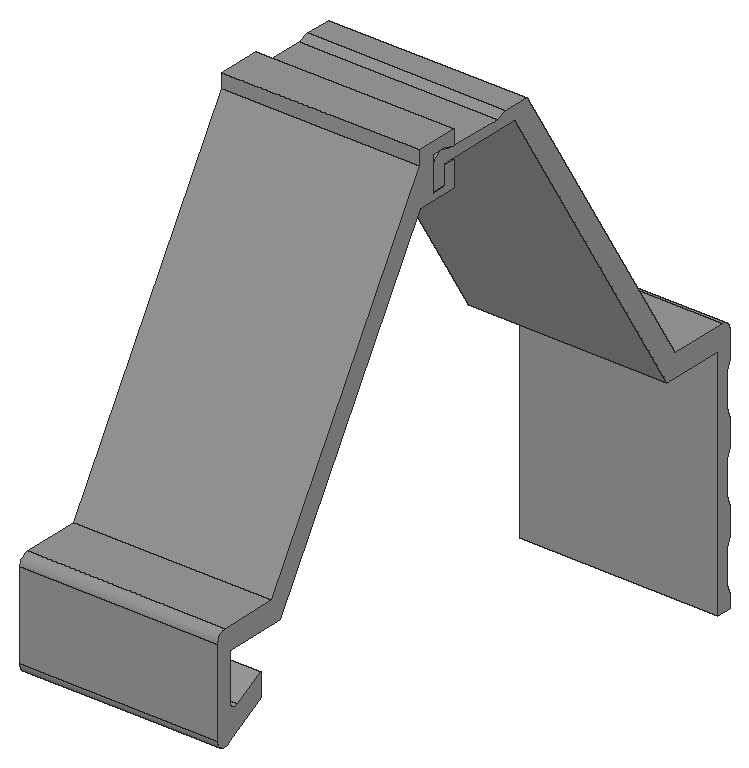
Revit family "Mounting Brackets PNR-11154", category Generic Models, Revit 2017
Family settings
  Can host rebar = No
  Round Connector Dimension = Use Diameter
  Part Type = Normal
  Work Plane-Based = Yes
  Always vertical = No
  Cut with Voids When Loaded = No
  Shared = No
  Room Calculation Point = No
Parameters (values of type "PNR-11154")
  Pendulum Visibility = no
  Pendulum Start = 0 mm
  Pendulum Hight [instance] = 250 mm
  PNR-11154 = yes
  Mounting_Material = Aluminum 7175 T73 0 Hot Formed
  Model = "PNR-11154"
  Manufacturer = "Veko Lightsystems"
  Description = "Mounting Brackets"
  Define - Bracket Article Number = "https://www.veko.com/images/documentation/products/profiles/ProfilesEN/Profile_PNR_11154-2.pdf"
  Default Elevation = 1219.2 mm
  Bracket_Width = 15 mm
  Copyright © IVLighting = "www.ivlighting.nl"
  Bracket Article Number = "*User Defined"
  Bolt_Visibility = no
  Bolt_Material = Brass, Soft Yellow, Welded
  Assembly Code = "63.0"
Reference planes
  plane 1 "Center (Front/Back)": y = 0
  plane 2: z = 0
  plane 3 "Center (Left/Right)": x = 0
Forms (mm)
  Extrusion 1, solid, material "Aluminum 7175 T73 0 Hot Formed" <- "Mounting_Material", visible <- "PNR-11154"
    sketch origin (0, 0, 0.469) x (0, 1, 0) y (0, 0, 1)
      loop
        line (5.071, 83.809) -> (3.065, 83.809) -> (2.253, 83.592) -> (-2.22, 83.592) -> (-2.985, 83.797)
        arc (-2.985, 83.797) -> (-3.569, 83.469) -> (-3.8, 82.841) r 0.969
        line (-3.8, 82.841) -> (-3.8, 81.348) -> (-2.831, 81.348) -> (-2.831, 82.809) -> (3.942, 82.809) -> (18.322, 58.649) -> (23.135, 58.649) -> (23.135, 40.724) -> (24.267, 40.724) -> (24.267, 41.705) -> (23.991, 42.464) -> (23.991, 44.919) -> (24.267, 45.678) -> (24.267, 47.698) -> (23.991, 48.457) -> (23.991, 50.912) -> (24.267, 51.671) -> (24.267, 53.692) -> (23.991, 54.451) -> (23.991, 56.905) -> (24.267, 57.665) -> (24.267, 59.679)
        arc (24.267, 59.679) -> (24.08, 60.13) -> (23.63, 60.317) r 0.637
        line (23.63, 60.317) -> (19.083, 60.317) -> (5.071, 83.809)
    from -7.5 to 7.5
  Extrusion 2, solid, material "Aluminum 7175 T73 0 Hot Formed" <- "Mounting_Material", visible <- "PNR-11154"
    sketch origin (0, 0, 0.469) x (0, 1, 0) y (0, 0, 1)
      loop
        line (-19.083, 60.317) -> (-23.451, 60.317)
        arc (-23.451, 60.317) -> (-24.003, 60.088) -> (-24.231, 59.537) r 0.78
        line (-24.231, 59.537) -> (-24.231, 52.95)
        arc (-24.231, 52.95) -> (-23.799, 52.323) -> (-23.06, 52.504) r 0.671
        line (-23.06, 52.504) -> (-20.189, 54.138) -> (-20.189, 55.919) -> (-22.325, 54.703)
        arc (-22.325, 54.703) -> (-22.861, 54.705) -> (-23.128, 55.17) r 0.537
        line (-23.128, 55.17) -> (-23.128, 58.649) -> (-18.322, 58.649) -> (-5.064, 80.716) -> (-1.86, 80.716) -> (-1.86, 82.666) -> (-2.699, 82.666) -> (-2.699, 81.254) -> (-3.886, 81.254) -> (-3.886, 83.878) -> (-2.831, 83.878) -> (-1.86, 83.618) -> (-1.86, 84.724) -> (-5.071, 84.724) -> (-5.071, 83.636) -> (-19.083, 60.317)
    from -7.5 to 7.5
  Extrusion 3, solid, visible <- "Pendulum Visibility"
    sketch origin (0, 0, 84.06) x (1, 0, 0) y (0, 1, 0)
      loop
        circle (0, 0) r 1
    from 0 to 250
Dimensions and locks
  equal spacing: Extrusion 1 sketch curve, plane 1 "Center (Front/Back)", Extrusion 2
  equal spacing: Extrusion 1, plane 3 "Center (Left/Right)", Extrusion 1
  equal spacing: Extrusion 2, plane 3 "Center (Left/Right)", Extrusion 2
  "Bracket_Width": Extrusion 2 to Extrusion 2
  "Bracket_Width": Extrusion 1 to Extrusion 1
  "Pendulum Start": Extrusion 3 to Extrusion 1
  "Pendulum Hight": Extrusion 3 to Extrusion 1
  aligned and locked: level to plane 2
Automatic sketch dimensions
  Extrusion 1 sketch curve to Extrusion 1 sketch curve = 1.129 mm
  Extrusion 1 sketch curve to Extrusion 1 sketch curve = 0.877 mm
  Extrusion 1 sketch curve to Extrusion 1 sketch curve = 0.812 mm
  plane 1 "Center (Front/Back)" to Extrusion 1 sketch curve = 2.22 mm
  Extrusion 1 sketch curve to Extrusion 1 sketch curve = 0.612 mm
  Extrusion 1 sketch curve to Extrusion 1 sketch curve = 0 mm  (x2)
  Extrusion 1 sketch curve to Extrusion 1 sketch curve = 0.766 mm
  Extrusion 1 sketch curve to Extrusion 1 sketch curve = 0.969 mm
  Extrusion 1 sketch curve to plane 1 "Center (Front/Back)" = 18.322 mm
  Extrusion 1 sketch curve to Extrusion 1 sketch curve = 0.76 mm
  Extrusion 1 sketch curve to Extrusion 1 sketch curve = 4.052 mm
  Extrusion 1 sketch curve to Extrusion 1 sketch curve = 0.495 mm
  Extrusion 1 sketch curve to Extrusion 1 sketch curve = 0.856 mm  (x2)
  Extrusion 1 sketch curve to Extrusion 1 sketch curve = 0.276 mm  (x4)
  level to Extrusion 1 sketch curve = 41.193 mm
  Extrusion 1 sketch curve to Extrusion 1 sketch curve = 0.981 mm
  Extrusion 1 sketch curve to Extrusion 1 sketch curve = 0.759 mm  (x6)
  Extrusion 1 sketch curve to Extrusion 1 sketch curve = 2.455 mm  (x3)
  Extrusion 1 sketch curve to Extrusion 1 sketch curve = 2.021 mm  (x2)
  Extrusion 1 sketch curve to Extrusion 1 sketch curve = 0.985 mm
  Extrusion 1 sketch curve to Extrusion 1 sketch curve = 1.03 mm
  Extrusion 1 sketch curve to Extrusion 1 sketch curve = 21.031 mm
  Extrusion 1 sketch curve to Extrusion 1 sketch curve = 1.461 mm
  Extrusion 1 sketch curve to Extrusion 1 sketch curve = 0.031 mm
  Extrusion 1 sketch curve to Extrusion 1 sketch curve = 0.205 mm
  Extrusion 1 sketch curve to Extrusion 1 sketch curve = 0.217 mm
  plane 1 "Center (Front/Back)" to Extrusion 2 sketch curve = 24.231 mm
  Extrusion 2 sketch curve to Extrusion 2 sketch curve = 0.671 mm
  Extrusion 2 sketch curve to Extrusion 2 sketch curve = 0.78 mm
  Extrusion 2 sketch curve to Extrusion 2 sketch curve = 0.432 mm
  Extrusion 2 sketch curve to Extrusion 2 sketch curve = 0.501 mm
  Extrusion 2 sketch curve to Extrusion 2 sketch curve = 0.537 mm
  Extrusion 2 sketch curve to Extrusion 2 sketch curve = 0.266 mm
  Extrusion 2 sketch curve to Extrusion 2 sketch curve = 2.136 mm
  Extrusion 2 sketch curve to Extrusion 2 sketch curve = 4.368 mm
  Extrusion 2 sketch curve to Extrusion 2 sketch curve = 0.76 mm
  plane 1 "Center (Front/Back)" to Extrusion 2 sketch curve = 5.071 mm
  Extrusion 2 sketch curve to Extrusion 2 sketch curve = 0.008 mm
  Extrusion 2 sketch curve to Extrusion 2 sketch curve = 1.178 mm
  Extrusion 2 sketch curve to Extrusion 2 sketch curve = 1.055 mm
  Extrusion 2 sketch curve to Extrusion 2 sketch curve = 0.133 mm
  Extrusion 2 sketch curve to Extrusion 2 sketch curve = 0.839 mm
  Extrusion 2 sketch curve to Extrusion 2 sketch curve = 0 mm
  level to Extrusion 2 sketch curve = 52.972 mm
  Extrusion 2 sketch curve to Extrusion 2 sketch curve = 1.634 mm
  Extrusion 2 sketch curve to Extrusion 2 sketch curve = 1.753 mm
  Extrusion 2 sketch curve to Extrusion 2 sketch curve = 1.781 mm
  Extrusion 2 sketch curve to Extrusion 2 sketch curve = 2.73 mm
  Extrusion 2 sketch curve to Extrusion 2 sketch curve = 0.887 mm
  Extrusion 2 sketch curve to Extrusion 2 sketch curve = 20.399 mm
  Extrusion 2 sketch curve to Extrusion 2 sketch curve = 0.538 mm
  Extrusion 2 sketch curve to Extrusion 2 sketch curve = 1.412 mm
  Extrusion 2 sketch curve to Extrusion 2 sketch curve = 0.952 mm
  Extrusion 2 sketch curve to Extrusion 2 sketch curve = 0.97 mm
  Extrusion 2 sketch curve to Extrusion 2 sketch curve = 0.242 mm
  Extrusion 2 sketch curve to Extrusion 2 sketch curve = 1.088 mm
  plane 1 "Center (Front/Back)" to Extrusion 3 sketch curve = 0 mm
  Extrusion 3 sketch curve to plane 3 "Center (Left/Right)" = 0 mm
  radius of Extrusion 3 sketch curve = 1 mm
